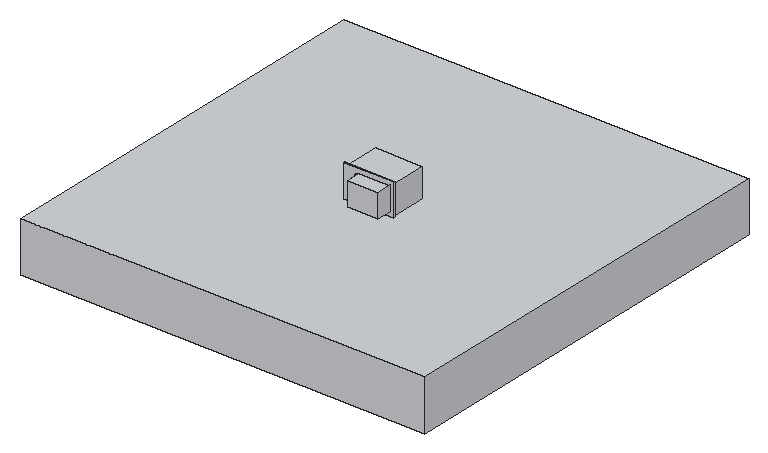
Revit family "M_Umidificador - Vapor - Alta-capacidade", category Acessórios de duto, Revit 2019
Family settings
  Hospedeiro = Face
  Cota do conector redondo = Usar raio
  Tipo de parte = Anexa em
  Número OmniClass = 23.75.50.17.21
  Título OmniClass = Air Humidifiers
  ID de item do Seek = Humidifier - Steam - High Capacity-0000-CAN-ENU
  Corte com vazios quando carregada = Não
  Compartilhado = Não
Parameters (values of type "9.7 LPD")
  Raio da água = Diâmetro da água / 2  # 3 mm
  Diâmetro da água = 6 mm
  Voltagem = 120 V
  Largura do painel = 88.9 mm
  Comprimento do painel = Comprimento do umidificador * 0.6  # 180.96 mm
  Altura do painel = Altura do umidificador - 50.8 mm  # 142.9 mm
  Raio do ladrão = 1 / 2 * Diâmetro do ladrão  # 5 mm
  Diâmetro do ladrão = 10 mm
  Número de pólos = 1
  Classificação de carga = Refrigeração
  Largura do umidificador = 228.6 mm
  Material do umidificador = none
  Comprimento do umidificador = 301.6 mm
  Altura do umidificador = 193.7 mm
  Raio da drenagem = Diâmetro da drenagem / 2  # 5 mm
  Fluxo da drenagem [instance] = 0.0 L/s
  Diâmetro da drenagem = 10 mm
  Default Elevation = 2743.2 mm
  Carga aparente = 1500 VA
Reference planes
  plane 1 "Centro (Frente/Trás)": y = 0
  plane 2: z = 0
  plane 3 "Centro (Esquerda/Direita)": x = 0
  plane 4: x = 150.813
  plane 5: x = -150.8
  plane 6: x = 150.8
  plane 7: y = 109.537
  plane 8: y = -119.063
  plane 9: y = -109.538
  plane 10: x = -141.275
  plane 11: x = 141.275
  plane 12: z = 193.7
  plane 13: z = 174.65
  plane 14: x = -96.825
  plane 15: z = 123.85
  plane 16: z = 25.4
  plane 17: z = 96.85
  plane 18: z = 168.3
  plane 19: x = 125.4
  plane 20: x = -55.56
  plane 21: x = -68.26
  plane 22: z = 158.775
  plane 23: y = -134.938
  plane 24: y = -207.963
Forms (mm)
  Extrusion 1, solid
    sketch origin (0, 0, 0) x (1, 0, 0) y (0, 1, 0)
      loop
        line (-1219.2, 1219.2) -> (-1219.2, -1219.2) -> (1219.2, -1219.2) -> (1219.2, 1219.2) -> (-1219.2, 1219.2)
    from 0 to -304.8
  Extrusion 2, solid
    sketch origin (0, 0, 0) x (1, 0, 0) y (0, 1, 0)
      loop
        line (-141.275, 109.537) -> (-141.275, -109.538) -> (141.275, -109.538) -> (141.275, 109.537) -> (-141.275, 109.537)
    from 0 to 174.65
  Extrusion 3, solid
    sketch origin (0, 0, 0) x (1, 0, 0) y (0, 1, 0)
      loop
        line (-150.8, -109.538) -> (-150.8, -119.063) -> (150.8, -119.063) -> (150.8, -109.538) -> (-150.8, -109.538)
    from 0 to 193.7
  Extrusion 4, solid
    sketch origin (0, 0, 0) x (1, 0, 0) y (0, 0, 1)
      loop
        circle (-96.825, 123.85) r 5
      loop
        circle (-96.825, 25.4) r 5
      loop
        circle (-68.26, 158.775) r 3
    from 119.063 to 134.938
  Extrusion 5, solid
    sketch origin (0, 0, 0) x (1, 0, 0) y (0, 0, 1)
      loop
        line (-55.56, 168.3) -> (-55.56, 25.4) -> (125.4, 25.4) -> (125.4, 168.3) -> (-55.56, 168.3)
    from 119.063 to 207.963
Dimensions and locks
  "Comprimento do umidificador": plane 5 to plane 6
  "Largura do umidificador": plane 7 to plane 8
  locked: plane 9 to plane 8 at 9.525
  locked: plane 5 to plane 10 at 9.525
  locked: plane 11 to plane 6 at 9.525
  equal spacing: plane 7, plane 1 "Centro (Frente/Trás)", plane 9
  equal spacing: plane 5, plane 3 "Centro (Esquerda/Direita)", plane 6
  "Altura do umidificador": plane 12 to plane 2
  locked: plane 12 to plane 13 at 19.05
  locked: plane 14 to plane 5 at 53.975
  locked: plane 13 to plane 15 at 50.8
  equal spacing: plane 12, plane 17, plane 2
  equal spacing: plane 18, plane 17, plane 16
  "Altura do painel": plane 18 to plane 16
  locked: plane 6 to plane 19 at 25.4
  "Comprimento do painel": plane 19 to plane 20
  locked: plane 20 to plane 21 at 12.7
  locked: plane 18 to plane 22 at 9.525
  locked: plane 8 to plane 23 at 15.875
  locked: plane 8 to plane 24 at 88.9
  "Raio do ladrão": radius of Extrusion 4 sketch curve
  "Raio da drenagem": radius of Extrusion 4 sketch curve
  "Raio da água": radius of Extrusion 4 sketch curve
  aligned and locked: plane 2 to Extrusion 1
  aligned and locked: level to Extrusion 1
  aligned and locked: plane 10 to Extrusion 2 sketch curve
  aligned and locked: Extrusion 2 sketch curve to plane 7
  aligned and locked: plane 9 to Extrusion 2 sketch curve
  aligned and locked: Extrusion 2 sketch curve to plane 11
  aligned and locked: plane 13 to Extrusion 2
  aligned and locked: Extrusion 2 to plane 2
  aligned and locked: plane 5 to Extrusion 3 sketch curve
  aligned and locked: Extrusion 3 sketch curve to plane 9
  aligned and locked: plane 8 to Extrusion 3 sketch curve
  aligned and locked: Extrusion 3 sketch curve to plane 6
  aligned and locked: Extrusion 3 to plane 2
  aligned and locked: plane 12 to Extrusion 3
  aligned and locked: plane 15 to Extrusion 4 sketch curve
  aligned and locked: plane 14 to Extrusion 4 sketch curve  (x2)
  aligned and locked: plane 16 to Extrusion 4 sketch curve
  aligned and locked: plane 20 to Extrusion 5 sketch curve
  aligned and locked: Extrusion 5 sketch curve to plane 18
  aligned and locked: plane 16 to Extrusion 5 sketch curve
  aligned and locked: Extrusion 5 sketch curve to plane 19
  aligned and locked: plane 22 to Extrusion 4 sketch curve
  aligned and locked: plane 21 to Extrusion 4 sketch curve
  aligned and locked: plane 8 to Extrusion 4
  aligned and locked: Extrusion 4 to plane 23
  aligned and locked: plane 8 to Extrusion 5
  aligned and locked: Extrusion 5 to plane 24
Automatic sketch dimensions
  Extrusion 1 sketch curve to Extrusion 1 sketch curve = 2438.4 mm  (x2)
Connectors
  piping at (-68.26, -134.938, 158.775), diameter 6, driven by "Raio da água"
    settings: on Extrusion 4, index 1, connector inside diameter 6 mm, connector length 0 mm, flow factor 0, pipe flow 0.0 L/s, pressure drop 0.0 Pa, fitting loss kfactor 0, connector angle 0.00°, fixture units 0, engagement length 0 mm, angle of deflection 0.00°, flow configuration 1, flow direction 1, fitting loss method 0, system type 22, joint type 0, gender type 0, connector reference index -1, connector utility 0, adjustable connector no, is connector primary yes, connector description "Entrada de vapor"
  piping at (-96.825, -134.938, 25.4), diameter 10, driven by "Fluxo da drenagem", driven by "Raio da drenagem"
    settings: on Extrusion 4, index 2, connector inside diameter 10 mm, connector length 0 mm, flow factor 0, pipe flow 0.0 L/s, pressure drop 0.0 Pa, fitting loss kfactor 0, connector angle 0.00°, fixture units 0, engagement length 0 mm, angle of deflection 0.00°, flow configuration 1, flow direction 2, fitting loss method 0, system type 16, joint type 0, gender type 0, connector reference index -1, connector utility 0, adjustable connector yes, is connector primary no, connector description "Dreno"
  electrical at (34.92, -163.513, 25.4), driven by "Número de pólos", driven by "Carga aparente", driven by "Voltagem", driven by "Classificação de carga"
    settings: on Extrusion 5, index 3, voltage 120 V, apparent load 1500 VA, apparent load phase1 0 VA, apparent load phase2 0 VA, apparent load phase3 0 VA, power factor 0.8, load classification "Refrigeração", number of poles 1, system type 30, power factor state 1, is connector primary yes, connector utility no, sub classification motor no, connector description ""
  hvac at (0, 0, 0)
    settings: on Extrusion 2, index 4, duct flow 0.0 L/s, flow factor 0, pres drop 0.0 Pa, loss coef 0, conn angle 0.00°, conn width 282.575 mm, conn height 219.075 mm, conn diameter 609.6 mm, duct sys type 1, conn prof type 1, flow config 1, flow direction 2, loss method 0, conn ref index -1, conn util no, is conn primary yes, conn desc ""
